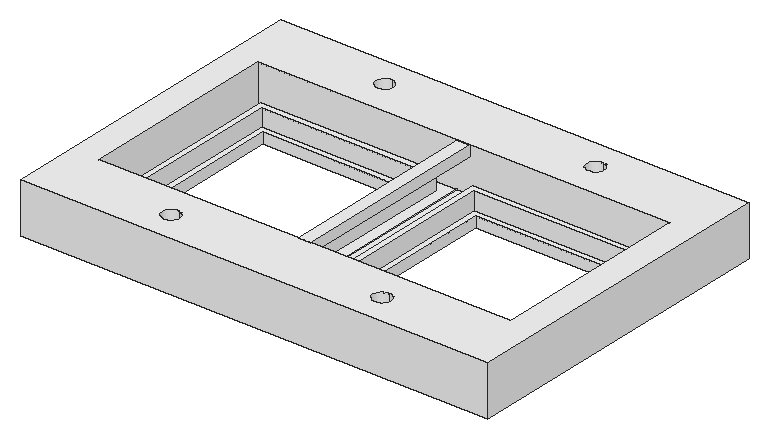
Revit family "Gira_021208", category Electrical Fixtures, host Face, Revit 2017
Family settings
  Host = Face
  Maintain Annotation Orientation = No
  Round Connector Dimension = Use Diameter
  Part Type = Normal
  Cut with Voids When Loaded = No
  Shared = No
  Room Calculation Point = No
Parameters (values of type "Cov.fr. 2-g interm.fr. AN Gira Event anthra.")
  With mounting grid = "No"
  With hinged lid = "No"
  URL = "http://katalog.gira.de/en/datenblatt.html?artikelnr=021208"
  Type of fastening = "Clamp mounting"
  Transparent = "No"
  Surface protection = "Other"
  Suitable for wall duct = "No"
  Suitable for flush-mounted installation = "Yes"
  Suitable for floor box = "No"
  Suitable for built-in installation = "No"
  Number of units vertical = "2"
  Number of units horizontal = "2"
  Number of units = "2"
  Name = "Cov.fr. 2-g interm.fr. AN Gira Event anthra."
  Mounting direction = "Horizontal and vertical"
  Material quality = "Thermoplastic"
  Material = "Plastic"
  Manufacturer URL = "https://www.gira.de/"
  Manufacturer = "Gira"
  Label space/information surface = "No"
  Keynote = ""
  HeinzeBIM = "https://bimportal.heinze.de/bim/cov-fr-2-g-interm-fr-an-gira-event-anthra-/81b8a0129233f6294206aeca5d9d54fcbd3b55d4"
  Halogen free = "Yes"
  HAN = "021208"
  GTIN = "4010337212089"
  Description = "Cov.fr.2g i.fr.AN Event AN,Gira Event frames,anthracite with anthracite intermediate frame,2-gang,Features:,- Shatter-proof."
  Degree of protection (IP) = "IP20"
  Default Elevation = 1219.2 mm
  Data sheet (1) = "https://katalog.gira.de/en/download.html?artikelnr=021208"
  Colour = "Anthracite"
  Category = "Cover frame for domestic switching devices"
  BIM (1) = "https://media.stage.bim.site/public/gira/36a6b08/TX44_Rahmen_2fach.rfa"
  Available = "No"
Reference planes
  plane 1 "Center (Front/Back)": y = 0
  plane 2: z = 0
  plane 3 "Center (Left/Right)": x = 0
  plane 4: x = 78.75
  plane 5: x = 2
  plane 6: x = -2
Forms (mm)
  Extrusion 1, solid, material "White", detail levels fine
    sketch origin (-35.841, 0, 0) x (0, -1, 0) y (1, 0, 0)
      loop
        line (-54.959, 114.591) -> (-54.959, -42.909) -> (54.959, -42.909) -> (54.959, 114.591) -> (-54.959, 114.591)
      loop
        line (-33.5, -33.5) -> (33.5, -33.5) -> (33.5, 105.183) -> (-33.5, 105.183) -> (-33.5, -33.5)
      loop
        circle (-45, -0.006) r 3
      loop
        circle (44.992, 0.001) r 3
      loop
        circle (-45, 71.094) r 3
      loop
        circle (44.992, 71.101) r 3
    from 0 to 16.9
  Extrusion 2, solid, material "White", detail levels fine
    sketch origin (-35.841, 0, 0) x (0, -1, 0) y (1, 0, 0)
      loop
        line (-25.5, 25.5) -> (-25.5, -25.5) -> (25.5, -25.5) -> (25.5, 25.5) -> (-25.5, 25.5)
      loop
        line (-33.5, 33.5) -> (-33.5, -33.5) -> (33.5, -33.5) -> (33.5, 33.5) -> (-33.5, 33.5)
    from -1.6 to 2
  Extrusion 3, solid, material "White", detail levels fine
    sketch origin (-35.841, 0, 0) x (0, -1, 0) y (1, 0, 0)
      loop
        line (-27.5, 27.5) -> (-27.5, -27.5) -> (27.5, -27.5) -> (27.5, 27.5) -> (-27.5, 27.5)
      loop
        line (-29.5, 29.5) -> (-29.5, -29.5) -> (29.5, -29.5) -> (29.5, 29.5) -> (-29.5, 29.5)
    from 2 to 7.8
  Extrusion 4, solid, material "White", detail levels coarse+medium
    sketch origin (-35.841, 0, 0) x (0, -1, 0) y (1, 0, 0)
      loop
        line (-54.959, 114.591) -> (-54.959, -42.909) -> (54.959, -42.909) -> (54.959, 114.591) -> (-54.959, 114.591)
    from -1.6 to 16.9
  Extrusion 5, solid, material "White", detail levels fine
    sketch origin (35.841, 0, 0) x (0, -1, 0) y (1, 0, 0)
      loop
        line (-25.5, 25.5) -> (-25.5, -25.5) -> (25.5, -25.5) -> (25.5, 25.5) -> (-25.5, 25.5)
      loop
        line (-33.5, 33.5) -> (-33.5, -33.5) -> (33.5, -33.5) -> (33.5, 33.5) -> (-33.5, 33.5)
    from -1.6 to 2
  Extrusion 6, solid, material "White", detail levels fine
    sketch origin (35.841, 0, 0) x (0, -1, 0) y (1, 0, 0)
      loop
        line (-27.5, 27.5) -> (-27.5, -27.5) -> (27.5, -27.5) -> (27.5, 27.5) -> (-27.5, 27.5)
      loop
        line (-29.5, 29.5) -> (-29.5, -29.5) -> (29.5, -29.5) -> (29.5, 29.5) -> (-29.5, 29.5)
    from 2 to 7.8
  Extrusion 7, solid, material "White", detail levels fine
    sketch origin (-35.841, 0, 0) x (0, -1, 0) y (1, 0, 0)
      loop
        line (-33.5, 38.183) -> (-33.5, 33.5) -> (33.5, 33.5) -> (33.5, 38.183) -> (-33.5, 38.183)
    from 0 to 2
  Extrusion 8, solid, material "White", detail levels fine
    sketch origin (-35.841, 0, 0) x (0, -1, 0) y (1, 0, 0)
      loop
        line (-33.5, 37.841) -> (-33.5, 33.841) -> (33.5, 33.841) -> (33.5, 37.841) -> (-33.5, 37.841)
    from 13.4 to 16.9
Dimensions and locks
  aligned and locked: plane 2 to host face
  aligned and locked: level to host face
